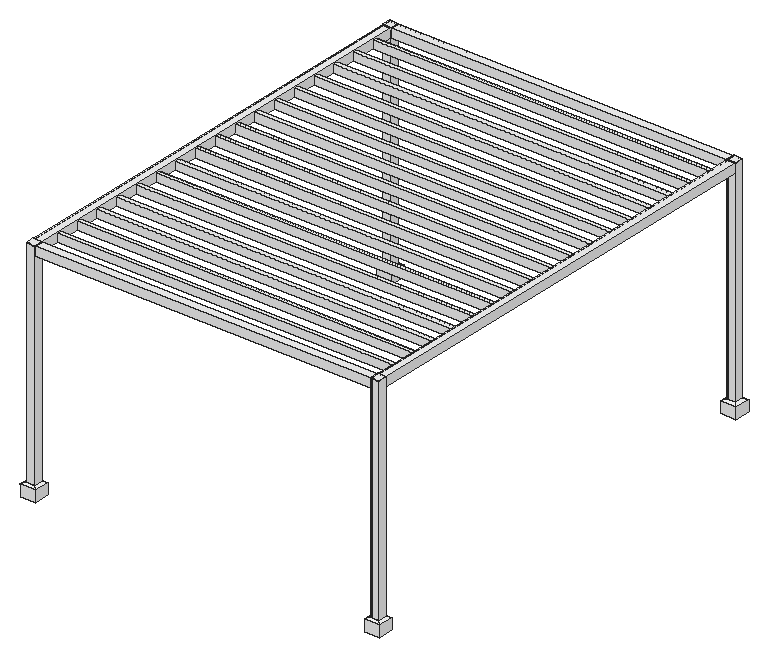
Revit family "Structure_ShadeFX", category Specialty Equipment, Revit 2022
Family settings
  Round Connector Dimension = Use Diameter
  Part Type = Normal
  OmniClass Number = 23.35.00.00
  OmniClass Title = Covering, Cladding, and Finishes
  Work Plane-Based = No
  Always vertical = Yes
  Cut with Voids When Loaded = No
  Maintain Annotation Orientation = No
  Shared = No
  Room Calculation Point = No
Parameters
  URL = "https://www.shadefxcanopies.com/"
  Track Length [instance] = Length  # 18' - 0"
  Support Column - Front Right [instance] = yes
  Support Column - Rear Right [instance] = yes
  Support Column - Front Left [instance] = yes
  Support Column - Rear Left [instance] = yes
  Support Beam - Back [instance] = yes
  Support Beam - Front [instance] = yes
  Support Beam - Right [instance] = yes
  Support Beam - Left [instance] = yes
  Structure Material [instance] = ShadeFX - Aluminum Color
  Specification = "https://www.arcat.com/company/shadefx-50995/spec"
  Module Length = 1' - 0"
  Front Offset = 0' - 2"
  Profile and Rafter Options [instance] = "For different profile sizes, number of rafters, rafter orientation, etc. contact us (spec@shadefx.com)."
  Max Length and Width [instance] = "Contact us (spec@shadefx.com) for > length 20' x width 20'"
  Width [instance] = 14' - 0"
  Length [instance] = 18' - 0"
  Product Page URL = "https://www.arcat.com/company/shadefx-50995"
  Model = "Rafter Roof."  # constant formula
  Manufacturer = "ShadeFX"  # constant formula
  Keynote = "10 73 16"
  Height [instance] = 9' - 0"
  Description = "Rafter roofs."  # constant formula
  Default Elevation = 0' - 0"
  Copyright = "ARCAT"
  CAD Details = "https://www.arcat.com/company/shadefx-50995/cad"
  Back Offset = 0' - 2"
  # of Rafters [instance] = ((Track Length - (Back Offset + Front Offset + Module Length)) / 1' 0")  # 17
Reference planes (in)
  plane 1 "Center (Front/Back)": y = -60
  plane 2: z = 0
  plane 3 "Center (Left/Right)": x = 0
  plane 4: x = -2
  plane 5: x = 2
  plane 6: y = 48
  plane 7: y = -168
  plane 8: x = -84
  plane 9: x = 84
  plane 10: x = 80
  plane 11: x = -80
  plane 12: z = 108
  plane 13 "Rafter Bottom": z = 104
Dimensions and locks (in)
  equal spacing: plane 4, plane 3 "Center (Left/Right)", plane 5
  locked: plane 4 to plane 5 at 4
  equal spacing: plane 7, plane 1 "Center (Front/Back)", plane 6
  "Length": plane 7 to plane 6
  equal spacing: plane 8, plane 3 "Center (Left/Right)", plane 9
  "Width": plane 8 to plane 9
  locked: plane 8 to plane 11 at 4
  locked: plane 10 to plane 9 at 4
  "Height": plane 12 to plane 2
  locked: plane 12 to plane 13 "Rafter Bottom" at 4
  aligned and locked: level to plane 2
  aligned and locked: plane 3 "Center (Left/Right)" to nested 1
  aligned and locked: nested 1 to plane 1 "Center (Front/Back)"
  aligned and locked: plane 3 "Center (Left/Right)" to nested 2
  aligned and locked: nested 2 to plane 6
Nested families (in)
  nested 1: "PIS_Support Structure" at (-82, 46, 0), Structure Material <- "Structure Material", type "PIS_Support Structure"
    with Structure Material ShadeFX - Aluminum Color, L 18' - 0"
  nested 2: "PIS_Roof with Rafter" at (-4.10236, 48, 104), Track Length <- "Track Length", Width <- "Width", Structure Material <- "Structure Material", # of Rafters <- "# of Rafters", type "2" x 4""
    with Width 14' - 0", Track Length 18' - 0", Structure Material ShadeFX - Aluminum Color, # of Rafters 17
Definition of nested family "PIS_Support Structure"
  Parameters (values of type "PIS_Support Structure")
    W = 14' - 0"
    Support 4 = yes
    Support 3 = yes
    Support 2 = yes
    Support 1 = yes
    Structure Material [instance] = none
    Right Support = yes
    Left Support = yes
    L = 20' - 0"
    Height of Support = 9' - 0"
    Front Support = yes
    Default Elevation = 0' - 0"
    Back Support = yes
  Reference planes (in)
    plane 1: y = 0
    plane 2: z = 0
    plane 3: x = 0
    plane 4: y = -236
    plane 5: x = 164
    plane 6 "Center (Left/Right)": x = 82
    plane 7: z = 108
    plane 8: z = 105
    plane 9: z = 104
    plane 10: z = 107
    plane 11: x = -2
    plane 12: x = 2
    plane 13: x = 162
    plane 14: x = 166
    plane 15: y = -238
    plane 16: y = -234
    plane 17: y = -2
    plane 18: y = 2
    plane 19: z = 94
    plane 20: z = 90
    plane 21 "Center (Front/Back)": y = -118
    plane 22: z = 108.25
  Forms (in)
    Extrusion 1, solid, material <- "Structure Material", visible <- "Support 2"
      sketch origin (0, -212, 0) x (1, 0, 0) y (0, 1, 0)
        loop
          line (-2, -22) -> (-2, -26) -> (2, -26) -> (2, -22) -> (-2, -22)
        loop
          line (-1.75, -22.25) -> (-1.75, -25.75) -> (1.75, -25.75) -> (1.75, -22.25) -> (-1.75, -22.25)
      from 6 to 108
    Extrusion 2, solid, material <- "Structure Material", visible <- "Support 1"
      sketch origin (0, 0, 0) x (1, 0, 0) y (0, 1, 0)
        loop
          line (-2, 2) -> (-2, -2) -> (2, -2) -> (2, 2) -> (-2, 2)
        loop
          line (-1.75, 1.75) -> (-1.75, -1.75) -> (1.75, -1.75) -> (1.75, 1.75) -> (-1.75, 1.75)
      from 6 to 108
    Extrusion 3, solid, material <- "Structure Material", visible <- "Support 3"
      sketch origin (212, 0, 0) x (1, 0, 0) y (0, 1, 0)
        loop
          line (-50, 2) -> (-50, -2) -> (-46, -2) -> (-46, 2) -> (-50, 2)
        loop
          line (-49.75, 1.75) -> (-49.75, -1.75) -> (-46.23695, -1.75) -> (-46.23695, 1.75) -> (-49.75, 1.75)
      from 6 to 108
    Extrusion 4, solid, material <- "Structure Material", visible <- "Support 4"
      sketch origin (212, -212, 0) x (1, 0, 0) y (0, 1, 0)
        loop
          line (-50, -22) -> (-50, -26) -> (-46, -26) -> (-46, -22) -> (-50, -22)
        loop
          line (-49.75, -22.25) -> (-49.75, -25.75) -> (-46.25, -25.75) -> (-46.25, -22.25) -> (-49.75, -22.25)
      from 6 to 108
    Extrusion 5, solid, material <- "Structure Material", visible <- "Left Support"
      sketch origin (0, 0, 0) x (1, 0, 0) y (0, 0, 1)
        loop
          line (-2, 108) -> (-2, 104) -> (2, 104) -> (2, 108) -> (-2, 108)
        loop
          line (-1.75, 107.75) -> (-1.75, 104.25) -> (1.75, 104.25) -> (1.75, 107.75) -> (-1.75, 107.75)
      from 2 to 234
    Extrusion 6, solid, material <- "Structure Material", visible <- "Right Support"
      sketch origin (212, 0, 0) x (1, 0, 0) y (0, 0, 1)
        loop
          line (-50, 108) -> (-50, 104) -> (-46, 104) -> (-46, 108) -> (-50, 108)
        loop
          line (-49.75, 107.75) -> (-49.75, 104.25) -> (-46.25, 104.25) -> (-46.25, 107.75) -> (-49.75, 107.75)
      from 2 to 234
    Extrusion 7, solid, material <- "Structure Material", visible <- "Back Support"
      sketch origin (106, 0, 0) x (0, -1, 0) y (0, 0, 1)
        loop
          line (-2, 108) -> (-2, 104) -> (2, 104) -> (2, 108) -> (-2, 108)
        loop
          line (-1.75, 107.75) -> (-1.75, 104.25) -> (1.75, 104.25) -> (1.75, 107.75) -> (-1.75, 107.75)
      from -56 to 104
    Extrusion 8, solid, material <- "Structure Material", visible <- "Front Support"
      sketch origin (106, -212, 0) x (0, -1, 0) y (0, 0, 1)
        loop
          line (22, 108) -> (22, 104) -> (26, 104) -> (26, 108) -> (22, 108)
        loop
          line (22.25, 107.75) -> (22.25, 104.25) -> (25.75, 104.25) -> (25.75, 107.75) -> (22.25, 107.75)
      from -56 to 104
    Extrusion 9, solid, material <- "Structure Material", visible <- "Support 2"
      sketch origin (-2, -180, 108) x (0, -1, 0) y (-1, 0, 0)
        loop
          line (54, 0) -> (54, -4) -> (58, -4) -> (58, 0) -> (54, 0)
      from 0 to -0.25
    Extrusion 10, solid, material <- "Structure Material", visible <- "Support 1"
      sketch origin (-2, -30, 108) x (0, -1, 0) y (-1, 0, 0)
        loop
          line (-32, 0) -> (-32, -4) -> (-28, -4) -> (-28, 0) -> (-32, 0)
      from 0 to -0.25
    Extrusion 11, solid, material <- "Structure Material", visible <- "Support 3"
      sketch origin (106, -30, 108) x (0, -1, 0) y (-1, 0, 0)
        loop
          line (-32, -56) -> (-32, -60) -> (-28, -60) -> (-28, -56) -> (-32, -56)
      from 0 to -0.25
    Extrusion 12, solid, material <- "Structure Material", visible <- "Support 4"
      sketch origin (106, -30, 108) x (0, -1, 0) y (-1, 0, 0)
        loop
          line (204, -56) -> (204, -60) -> (208, -60) -> (208, -56) -> (204, -56)
      from 0 to -0.25
  Dimensions and locks (in)
    "Height of Support": plane 7 to level
    locked: plane 7 to plane 8 at 3
    locked: plane 7 to plane 9 at 4
    locked: plane 10 to plane 7 at 1
    locked: plane 11 to plane 12 at 4
    equal spacing: plane 11, plane 3, plane 12
    locked: plane 13 to plane 14 at 4
    equal spacing: plane 13, plane 5, plane 14
    locked: plane 18 to plane 17 at 4
    equal spacing: plane 18, plane 1, plane 17
    locked: plane 16 to plane 15 at 4
    equal spacing: plane 16, plane 4, plane 15
    "W": plane 11 to plane 14
    equal spacing: plane 3, plane 6 "Center (Left/Right)", plane 5
    "L": plane 18 to plane 15
    locked: plane 19 to plane 20 at 4
    locked: plane 7 to plane 20 at 18
    equal spacing: plane 18, plane 21 "Center (Front/Back)", plane 15
    locked: plane 22 to plane 7 at 0.25
    aligned and locked: level to plane 2
    aligned and locked: Extrusion 1 to plane 7
    aligned and locked: Extrusion 5 to plane 7
    aligned and locked: Extrusion 2 to plane 7
    aligned and locked: plane 7 to Extrusion 1
    aligned and locked: Extrusion 8 to plane 7
    aligned and locked: Extrusion 7 to plane 7
    aligned and locked: plane 7 to Extrusion 8
    aligned and locked: Extrusion 4 to plane 7
    aligned and locked: Extrusion 6 to plane 7
    aligned and locked: Extrusion 3 to plane 7
    aligned and locked: plane 7 to Extrusion 4
    aligned and locked: plane 9 to Extrusion 8
    aligned and locked: plane 9 to Extrusion 7
    aligned and locked: Extrusion 8 to plane 9  (x4)
    aligned and locked: plane 9 to Extrusion 5  (x8)
    aligned and locked: plane 9 to Extrusion 6
    aligned and locked: plane 3 to nested 1
    aligned and locked: plane 3 to nested 4
    aligned and locked: nested 2 to plane 5
    aligned and locked: nested 3 to plane 5
    aligned and locked: plane 4 to nested 3
    aligned and locked: plane 4 to nested 4
    aligned and locked: plane 1 to nested 1
    aligned and locked: plane 1 to nested 2
    aligned and locked: Extrusion 1 to nested 4
    aligned and locked: Extrusion 2 to nested 1
    aligned and locked: Extrusion 3 to nested 2
    aligned and locked: Extrusion 4 to nested 3
    aligned and locked: plane 11 to Extrusion 2
    aligned and locked: plane 11 to Extrusion 5
    aligned and locked: Extrusion 2 to plane 12
    aligned and locked: Extrusion 5 to plane 12
    aligned and locked: Extrusion 7 to Extrusion 2
    aligned and locked: Extrusion 7 to Extrusion 3
    aligned and locked: Extrusion 6 to Extrusion 3
    aligned and locked: Extrusion 6 to Extrusion 4
    aligned and locked: Extrusion 8 to Extrusion 4
    aligned and locked: Extrusion 8 to Extrusion 1
    aligned and locked: Extrusion 5 to Extrusion 1
    aligned and locked: plane 13 to Extrusion 3
    aligned and locked: plane 13 to Extrusion 4
    aligned and locked: plane 18 to Extrusion 2
    aligned and locked: plane 18 to Extrusion 7
    aligned and locked: plane 18 to Extrusion 3
    aligned and locked: Extrusion 1 to plane 15
    aligned and locked: Extrusion 8 to plane 15
    aligned and locked: Extrusion 4 to plane 15
    aligned and locked: plane 16 to Extrusion 4
    aligned and locked: plane 16 to Extrusion 1
    aligned and locked: plane 15 to Extrusion 9 sketch curve
    aligned and locked: Extrusion 9 sketch curve to plane 16
    aligned and locked: plane 12 to Extrusion 9 sketch curve
    aligned and locked: Extrusion 9 sketch curve to plane 11
    aligned and locked: plane 22 to Extrusion 9
    aligned and locked: Extrusion 10 sketch curve to plane 18
    aligned and locked: plane 17 to Extrusion 10 sketch curve
    aligned and locked: Extrusion 10 sketch curve to plane 11
    aligned and locked: plane 12 to Extrusion 10 sketch curve
    aligned and locked: Extrusion 11 sketch curve to plane 18
    aligned and locked: plane 14 to Extrusion 11 sketch curve
    aligned and locked: Extrusion 11 sketch curve to plane 13
    aligned and locked: plane 17 to Extrusion 11 sketch curve
    aligned and locked: plane 14 to Extrusion 12 sketch curve
    aligned and locked: Extrusion 12 sketch curve to plane 13
    aligned and locked: Extrusion 12 sketch curve to plane 16
    aligned and locked: plane 15 to Extrusion 12 sketch curve
    aligned and locked: plane 22 to Extrusion 12
    aligned and locked: plane 22 to Extrusion 11
    aligned and locked: plane 22 to Extrusion 10
  Automatic sketch dimensions
    Extrusion 1 sketch curve to plane 11 = 0' - 0"
    Extrusion 1 sketch curve to plane 12 = 0' - 0"
    Extrusion 1 sketch curve to plane 15 = 0' - 0"
    Extrusion 1 sketch curve to plane 16 = 0' - 0"
    Extrusion 1 sketch curve to plane 11 = 0' - 0 1/4"
    plane 12 to Extrusion 1 sketch curve = 0' - 0 1/4"
    plane 15 to Extrusion 1 sketch curve = 0' - 0 1/4"
    Extrusion 1 sketch curve to plane 16 = 0' - 0 1/4"
    Extrusion 2 sketch curve to plane 11 = 0' - 0"
    Extrusion 2 sketch curve to plane 12 = 0' - 0"
    Extrusion 2 sketch curve to plane 17 = 0' - 0"
    Extrusion 2 sketch curve to plane 18 = 0' - 0"
    Extrusion 2 sketch curve to plane 11 = 0' - 0 1/4"
    plane 12 to Extrusion 2 sketch curve = 0' - 0 1/4"
    plane 17 to Extrusion 2 sketch curve = 0' - 0 1/4"
    Extrusion 2 sketch curve to plane 18 = 0' - 0 1/4"
    Extrusion 3 sketch curve to plane 13 = 0' - 0"
    Extrusion 3 sketch curve to plane 14 = 0' - 0"
    Extrusion 3 sketch curve to plane 17 = 0' - 0"
    Extrusion 3 sketch curve to plane 18 = 0' - 0"
    Extrusion 3 sketch curve to plane 13 = 0' - 0 1/4"
    plane 14 to Extrusion 3 sketch curve = 0' - 0.23695"
    plane 17 to Extrusion 3 sketch curve = 0' - 0 1/4"
    Extrusion 3 sketch curve to plane 18 = 0' - 0 1/4"
    Extrusion 4 sketch curve to plane 13 = 0' - 0"
    Extrusion 4 sketch curve to plane 14 = 0' - 0"
    Extrusion 4 sketch curve to plane 15 = 0' - 0"
    Extrusion 4 sketch curve to plane 16 = 0' - 0"
    Extrusion 4 sketch curve to plane 13 = 0' - 0 1/4"
    plane 14 to Extrusion 4 sketch curve = 0' - 0 1/4"
    plane 15 to Extrusion 4 sketch curve = 0' - 0 1/4"
    Extrusion 4 sketch curve to plane 16 = 0' - 0 1/4"
    Extrusion 5 sketch curve to plane 9 = 0' - 0"
    plane 11 to Extrusion 5 sketch curve = 0' - 0"
    Extrusion 5 sketch curve to plane 7 = 0' - 0"
    plane 12 to Extrusion 5 sketch curve = 0' - 0"
    Extrusion 5 sketch curve to plane 11 = 0' - 0 1/4"
    plane 12 to Extrusion 5 sketch curve = 0' - 0 1/4"
    Extrusion 5 sketch curve to plane 9 = 0' - 0 1/4"
    plane 7 to Extrusion 5 sketch curve = 0' - 0 1/4"
    Extrusion 6 sketch curve to plane 9 = 0' - 0"
    plane 13 to Extrusion 6 sketch curve = 0' - 0"
    Extrusion 6 sketch curve to plane 7 = 0' - 0"
    plane 14 to Extrusion 6 sketch curve = 0' - 0"
    Extrusion 6 sketch curve to plane 13 = 0' - 0 1/4"
    plane 14 to Extrusion 6 sketch curve = 0' - 0 1/4"
    Extrusion 6 sketch curve to plane 9 = 0' - 0 1/4"
    plane 7 to Extrusion 6 sketch curve = 0' - 0 1/4"
    plane 9 to Extrusion 7 sketch curve = 0' - 0"
    Extrusion 7 sketch curve to plane 18 = 0' - 0"
    plane 7 to Extrusion 7 sketch curve = 0' - 0"
    Extrusion 7 sketch curve to plane 17 = 0' - 0"
    Extrusion 7 sketch curve to plane 18 = 0' - 0 1/4"
    plane 17 to Extrusion 7 sketch curve = 0' - 0 1/4"
    Extrusion 7 sketch curve to plane 9 = 0' - 0 1/4"
    plane 7 to Extrusion 7 sketch curve = 0' - 0 1/4"
    plane 9 to Extrusion 8 sketch curve = 0' - 0"
    Extrusion 8 sketch curve to plane 16 = 0' - 0"
    plane 7 to Extrusion 8 sketch curve = 0' - 0"
    Extrusion 8 sketch curve to plane 15 = 0' - 0"
    Extrusion 8 sketch curve to plane 16 = 0' - 0 1/4"
    plane 15 to Extrusion 8 sketch curve = 0' - 0 1/4"
    Extrusion 8 sketch curve to plane 9 = 0' - 0 1/4"
    plane 7 to Extrusion 8 sketch curve = 0' - 0 1/4"
  Nested families (in)
    nested 1: "PIS_Base Support" at (0, 0, 0), visible <- "Support 1", Material <- "Structure Material", type "PIS_Base Support"
      with Material none
    nested 2: "PIS_Base Support" at (164, 0, 0), visible <- "Support 3", Material <- "Structure Material", type "PIS_Base Support"
      with Material none
    nested 3: "PIS_Base Support" at (164, -236, 0), visible <- "Support 4", Material <- "Structure Material", type "PIS_Base Support"
      with Material none
    nested 4: "PIS_Base Support" at (0, -236, 0), visible <- "Support 2", Material <- "Structure Material", type "PIS_Base Support"
      with Material none
  Definition of nested family "PIS_Base Support"
    Parameters (values of type "PIS_Base Support")
      Material [instance] = none
      Default Elevation = 0' - 0"
    Reference planes (in)
      plane 1 "Center (Front/Back)": y = 0
      plane 2: z = 0
      plane 3 "Center (Left/Right)": x = 0
    Forms (in)
      Extrusion 1, solid, material <- "Material"
        sketch origin (0, 0, 0) x (1, 0, 0) y (0, 1, 0)
          loop
            line (3.655, 3.655) -> (-3.655, 3.655) -> (-3.655, -3.655) -> (3.655, -3.655) -> (3.655, 3.655)
        from 0 to 5.23828
      Blend 2, solid, material <- "Material"
        base sketch origin (0, 0, 0) x (1, 0, 0) y (0, 1, 0)
          loop
            line (-3.655, 3.655) -> (-3.655, -3.655) -> (3.655, -3.655) -> (3.655, 3.655) -> (-3.655, 3.655)
        top sketch origin (0, 0, 0) x (1, 0, 0) y (0, 1, 0)
          loop
            line (-2, 2) -> (-2, -2) -> (2, -2) -> (2, 2) -> (-2, 2)
        from 5.23828 to 6
    Dimensions and locks (in)
      aligned and locked: plane 2 to level
      aligned and locked: Blend 2 to Extrusion 1
Definition of nested family "PIS_Roof with Rafter"
  Parameters (values of type "2" x 4"")
    Width [instance] = 8' - 0"
    URL = ""
    Track Length [instance] = 18' - 0"
    Structure Material [instance] = none
    Module Length = 1' - 0"
    Manufacturer = ""
    Keynote = ""
    Front Offset = 0' - 2"
    Default Elevation = 4' - 0"
    Back Offset = 0' - 2"
    # of Rafters [instance] = 17
  Reference planes (in)
    plane 1 "Center (Front/Back)": y = 0
    plane 2: z = 0
    plane 3 "Center (Left/Right)": x = 4.10236
    plane 4: x = -43.89764
    plane 5: x = 52.10236
    plane 6: y = -14
    plane 7: y = -216
    plane 8: y = -214
    plane 9: y = -2
    plane 10: y = -202
  Dimensions and locks (in)
    "Module Length": plane 9 to plane 6
    "Front Offset": plane 8 to plane 7
    equal spacing: plane 4, plane 3 "Center (Left/Right)", plane 5
    "Width": plane 4 to plane 5
    "Track Length": plane 1 "Center (Front/Back)" to plane 7
    "Back Offset": plane 9 to plane 1 "Center (Front/Back)"
    "Module Length": plane 10 to plane 8
    equal spacing: group 1, group 3, group 4, group 5, group 6, group 7, group 8, group 9, group 10, group 11, group 12, group 13, group 14, group 15, group 16, group 17, group 2  (x2)
    equal spacing: group 2, group 17, group 16, group 15, group 14, group 13, group 12, group 11, group 10, group 9, group 8, group 7, group 6, group 5, group 4, group 3, group 1
    aligned and locked: plane 2 to level
    aligned and locked: plane 3 "Center (Left/Right)" to nested 1
    aligned and locked: nested 1 to plane 6
    aligned and locked: nested 2 to plane 10
  Nested families (in)
    nested 1: "PIS_Rafter" at (-41.89764, 132, 0), Structure Material <- "Structure Material", type "4" x 2""
      with W 8' - 0"
    nested 2: "PIS_Rafter" at (-41.89764, -56, 0), Structure Material <- "Structure Material", type "4" x 2""
      with W 8' - 0"
    nested 3: "PIS_Rafter" at (-41.89764, 120.25, 0), Structure Material <- "Structure Material", type "4" x 2""
      with W 8' - 0"
    nested 4: "PIS_Rafter" at (-41.89764, 108.5, 0), Structure Material <- "Structure Material", type "4" x 2""
      with W 8' - 0"
    nested 5: "PIS_Rafter" at (-41.89764, 96.75, 0), Structure Material <- "Structure Material", type "4" x 2""
      with W 8' - 0"
    nested 6: "PIS_Rafter" at (-41.89764, 85, 0), Structure Material <- "Structure Material", type "4" x 2""
      with W 8' - 0"
    nested 7: "PIS_Rafter" at (-41.89764, 73.25, 0), Structure Material <- "Structure Material", type "4" x 2""
      with W 8' - 0"
    nested 8: "PIS_Rafter" at (-41.89764, 61.5, 0), Structure Material <- "Structure Material", type "4" x 2""
      with W 8' - 0"
    nested 9: "PIS_Rafter" at (-41.89764, 49.75, 0), Structure Material <- "Structure Material", type "4" x 2""
      with W 8' - 0"
    nested 10: "PIS_Rafter" at (-41.89764, 38, 0), Structure Material <- "Structure Material", type "4" x 2""
      with W 8' - 0"
    nested 11: "PIS_Rafter" at (-41.89764, 26.25, 0), Structure Material <- "Structure Material", type "4" x 2""
      with W 8' - 0"
    nested 12: "PIS_Rafter" at (-41.89764, 14.5, 0), Structure Material <- "Structure Material", type "4" x 2""
      with W 8' - 0"
    nested 13: "PIS_Rafter" at (-41.89764, 2.75, 0), Structure Material <- "Structure Material", type "4" x 2""
      with W 8' - 0"
    nested 14: "PIS_Rafter" at (-41.89764, -9, 0), Structure Material <- "Structure Material", type "4" x 2""
      with W 8' - 0"
    nested 15: "PIS_Rafter" at (-41.89764, -20.75, 0), Structure Material <- "Structure Material", type "4" x 2""
      with W 8' - 0"
    nested 16: "PIS_Rafter" at (-41.89764, -32.5, 0), Structure Material <- "Structure Material", type "4" x 2""
      with W 8' - 0"
    nested 17: "PIS_Rafter" at (-41.89764, -44.25, 0), Structure Material <- "Structure Material", type "4" x 2""
      with W 8' - 0"
  Definition of nested family "PIS_Rafter"
    Parameters (values of type "4" x 2"")
      W = 14' - 0"
      Structure Material [instance] = none
      L = 0' - 2"  # constant formula
      Height of Support = 0' - 4"  # constant formula
      Default Elevation = 0' - 0"
    Reference planes (in)
      plane 1 "Center (Front/Back)": y = -146
      plane 2: z = 0
      plane 3: x = 0
      plane 4: x = 164
      plane 5 "Center (Left/Right)": x = 82
      plane 6: z = 4
      plane 7: x = -2
      plane 8: x = 2
      plane 9: x = 162
      plane 10: x = 166
      plane 11: y = -147
      plane 12: y = -145
    Forms (in)
      Extrusion 1, solid, material <- "Structure Material"
        sketch origin (2, -6.75, 76) x (0, -1, 0) y (0, 0, 1)
          loop
            line (138.25, -72) -> (138.25, -76) -> (140.25, -76) -> (140.25, -72) -> (138.25, -72)
          loop
            line (138.5, -72.25) -> (138.5, -75.75) -> (140, -75.75) -> (140, -72.25) -> (138.5, -72.25)
        from -160 to 0
    Dimensions and locks (in)
      "Height of Support": plane 6 to level
      locked: plane 7 to plane 8 at 4
      equal spacing: plane 7, plane 3, plane 8
      locked: plane 9 to plane 10 at 4
      equal spacing: plane 9, plane 4, plane 10
      "W": plane 7 to plane 10
      equal spacing: plane 3, plane 5 "Center (Left/Right)", plane 4
      "L": plane 12 to plane 11
      equal spacing: plane 12, plane 1 "Center (Front/Back)", plane 11
      locked: Extrusion 1 sketch curve to Extrusion 1 sketch curve at 0.25  (x2)
      aligned and locked: level to plane 2
      aligned and locked: Extrusion 1 to plane 6
      aligned and locked: Extrusion 1 to plane 9
      aligned and locked: plane 11 to Extrusion 1 sketch curve
      aligned and locked: plane 12 to Extrusion 1 sketch curve
    Automatic sketch dimensions
      plane 6 to Extrusion 1 sketch curve = 0' - 0"
      plane 6 to Extrusion 1 sketch curve = 0' - 0 1/4"
      Extrusion 1 sketch curve to Extrusion 1 sketch curve = 0' - 3 1/2"
      Extrusion 1 sketch curve to Extrusion 1 sketch curve = 0' - 0 1/4"
